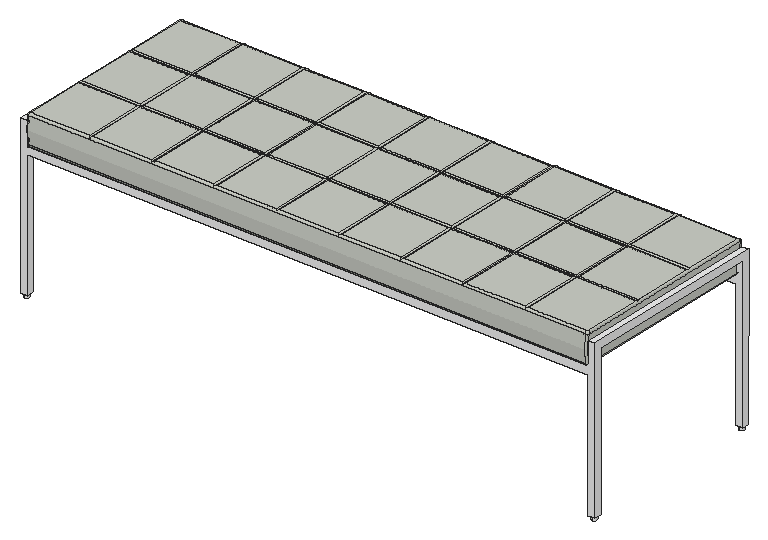
Revit family
Parameters
  Width = 5' - 0"  # constant formula
  URL = "http://elanbydecca.com/"
  Upholstery [instance] = Furniture - DECCA (Elan) - Ethos - Upholstery
  Base [instance] = Furniture - DECCA (Elan) - Ethos - Base
  Product URL = "http://elanbydecca.com/PDFs/elan_tearsheet-vertex.pdf"
  Model = "FT BE640"
  Manufacturer = "Decca Contract"
  Height = 1' - 5 1/2"  # constant formula
  Description = "Ethos, Bench"
  Depth = 1' - 8"  # constant formula
  Assembly Description = "Furniture & Accessories"
  Assembly Code = "E2020200"
Reference planes (in)
  plane 1 "Center Front/Back": y = -0.7524
  plane 2: z = 0
  plane 3 "Center Left/Right": x = 0
  plane 4 "L": x = -30
  plane 5 "R": x = 30
  plane 6 "F": y = -10.7524
  plane 7: y = 9.2476
  plane 8: through (-6.25338, 2.33237, 23.38953) normal (0.4297, -0.4297, 0.7941)
  plane 9 "ST": z = 17.5
  plane 10: z = 0.375
  plane 11: x = -29.25
  plane 12: x = 29.25
  plane 13: z = 16.75
  plane 14: z = 16
  plane 15: z = 13.57168
  plane 16: z = 14.32168
  plane 17: y = 8.4976
  plane 18: y = -10.0024
  plane 19: x = -0.375
  plane 20: x = 0.375
  plane 21: y = 2.58093
  plane 22: y = -4.08573
  plane 23: x = -16.25
  plane 24: x = -9.75
  plane 25: x = -3.25
  plane 26: x = 3.25
  plane 27: x = 9.75
  plane 28: x = 16.25
  plane 29: x = -22.75
  plane 30: x = 22.75
Forms (in)
  Extrusion 1, solid, material "Furniture - DECCA (Elan) - Ethos - Base" <- "Base"
    sketch origin (0, 0, 0) x (0, 1, 0) y (0, 0, 1)
      loop
        line (9.2476, 0.375) -> (9.2476, 16.75) -> (-10.7524, 16.75) -> (-10.7524, 0.375) -> (-10.0024, 0.375) -> (-10.0024, 16) -> (8.4976, 16) -> (8.4976, 0.375) -> (9.2476, 0.375)
    from -30 to -29.25
  Extrusion 2, solid, material "Furniture - DECCA (Elan) - Ethos - Base" <- "Base"
    sketch origin (0, 0, 0) x (0, 1, 0) y (0, 0, 1)
      loop
        line (9.2476, 0.375) -> (9.2476, 16.75) -> (-10.7524, 16.75) -> (-10.7524, 0.375) -> (-10.0024, 0.375) -> (-10.0024, 16) -> (8.4976, 16) -> (8.4976, 0.375) -> (9.2476, 0.375)
    from 29.25 to 30
  Extrusion 3, solid, material "Furniture - DECCA (Elan) - Ethos - Base" <- "Base"
    sketch origin (0, 0, 0) x (0, 1, 0) y (0, 0, 1)
      loop
        line (9.2476, 13.57168) -> (9.2476, 14.32168) -> (8.4976, 14.32168) -> (8.4976, 13.57168) -> (9.2476, 13.57168)
      loop
        line (-10.7524, 13.57168) -> (-10.0024, 13.57168) -> (-10.0024, 14.32168) -> (-10.7524, 14.32168) -> (-10.7524, 13.57168)
    from -29.25 to 29.25
  Extrusion 4, solid, material "Furniture - DECCA (Elan) - Ethos - Base" <- "Base"
    sketch origin (0, 0, 7.44949) x (0, -1, 0) y (1, 0, 0)
      loop
        circle (-8.8726, -29.625) r 0.25
      loop
        circle (-8.8726, 29.625) r 0.25
      loop
        circle (10.3774, -29.625) r 0.25
      loop
        circle (10.3774, 29.625) r 0.25
    from -7.44949 to -7.07449
  Extrusion 5, solid, material "Furniture - DECCA (Elan) - Ethos - Base" <- "Base"
    sketch origin (0, -16.42176, 0) x (1, 0, 0) y (0, 0, -1)
      loop
        line (-0.375, -14.32168) -> (0.375, -14.32168) -> (0.375, -13.57168) -> (-0.375, -13.57168) -> (-0.375, -14.32168)
    from 6.41936 to 24.91936
  Extrusion 6, solid, material "Furniture - DECCA (Elan) - Ethos - Upholstery" <- "Upholstery"
    sketch origin (0, 0, 0) x (0, 1, 0) y (0, 0, 1)
      loop
        line (9.04223, 17.5) -> (-10.54703, 17.5)
        arc (-10.54703, 17.5) -> (-10.70704, 17.44208) -> (-10.79292, 17.29516) r 0.25
        arc (-10.79292, 17.29516) -> (-10.919, 15.91084) -> (-10.79292, 14.52651) r 7.66267
        arc (-10.79292, 14.52651) -> (-10.70704, 14.3796) -> (-10.54703, 14.32168) r 0.25
        line (-10.54703, 14.32168) -> (9.04223, 14.32168)
        arc (9.04223, 14.32168) -> (9.20224, 14.3796) -> (9.28812, 14.52651) r 0.25
        arc (9.28812, 14.52651) -> (9.4142, 15.91084) -> (9.28812, 17.29516) r 7.66267
        arc (9.28812, 17.29516) -> (9.20224, 17.44208) -> (9.04223, 17.5) r 0.25
    from -29.25 to 29.25
  Sweep 7, void
    path origin (-29.25, 0, 0) x (0, 1, 0) y (0, 0, 1)
      loop
        arc (-10.54703, 17.5) -> (-10.70704, 17.44208) -> (-10.79292, 17.29516) r 0.25
        arc (-10.79292, 17.29516) -> (-10.919, 15.91084) -> (-10.79292, 14.52651) r 7.66267
        arc (-10.79292, 14.52651) -> (-10.70704, 14.3796) -> (-10.54703, 14.32168) r 0.25
        line (-10.54703, 14.32168) -> (9.04223, 14.32168)
        arc (9.04223, 14.32168) -> (9.20224, 14.3796) -> (9.28812, 14.52651) r 0.25
        arc (9.28812, 14.52651) -> (9.4142, 15.91084) -> (9.28812, 17.29516) r 7.66267
        arc (9.28812, 17.29516) -> (9.20224, 17.44208) -> (9.04223, 17.5) r 0.25
        line (9.04223, 17.5) -> (-10.54703, 17.5)
    profile origin (-29.25, -0.7524, 17.5) x (0, 0, 1) y (1, 0, 0)
      loop
        arc (-0.1875, 0) -> (0.13258, -0.13258) -> (0, 0.1875) r 0.1875
        arc (0, 0.1875) -> (-0.05492, 0.05492) -> (-0.1875, 0) r 0.1875
  Sweep 8, void
    path origin (29.25, 0, 0) x (0, 1, 0) y (0, 0, 1)
      loop
        line (9.04223, 17.5) -> (-10.54703, 17.5)
        arc (-10.54703, 17.5) -> (-10.70704, 17.44208) -> (-10.79292, 17.29516) r 0.25
        arc (-10.79292, 17.29516) -> (-10.919, 15.91084) -> (-10.79292, 14.52651) r 7.66267
        arc (-10.79292, 14.52651) -> (-10.70704, 14.3796) -> (-10.54703, 14.32168) r 0.25
        line (-10.54703, 14.32168) -> (9.04223, 14.32168)
        arc (9.04223, 14.32168) -> (9.20224, 14.3796) -> (9.28812, 14.52651) r 0.25
        arc (9.28812, 14.52651) -> (9.4142, 15.91084) -> (9.28812, 17.29516) r 7.66267
        arc (9.28812, 17.29516) -> (9.20224, 17.44208) -> (9.04223, 17.5) r 0.25
    profile origin (29.25, -0.7524, 17.5) x (0, 0, -1) y (1, 0, 0)
      loop
        arc (0.1875, 0) -> (-0.13258, 0.13258) -> (0, -0.1875) r 0.1875
        arc (0, -0.1875) -> (0.05492, -0.05492) -> (0.1875, 0) r 0.1875
  Sweep 9, void
    path origin (0, 0, 17.5) x (-1, 0, 0) y (0, -1, 0)
      loop
        line (30, -2.58093) -> (-30, -2.58093)
    profile origin (0, 2.58093, 17.5) x (0, 1, 0) y (0, 0, 1)
      loop
        arc (0.2207, 0) -> (0, 0.2207) -> (-0.2207, 0) r 0.2207
        line (-0.2207, 0) -> (-0.1796, 0)
        arc (-0.1796, 0) -> (-0.09086, -0.02233) -> (-0.02325, -0.08401) r 0.1875
        line (-0.02325, -0.08401) -> (0, -0.11914) -> (0.02325, -0.08401)
        arc (0.02325, -0.08401) -> (0.09086, -0.02233) -> (0.1796, 0) r 0.1875
        line (0.1796, 0) -> (0.2207, 0)
  Sweep 10, void
    path origin (0, -6.66667, 17.5) x (-1, 0, 0) y (0, -1, 0)
      loop
        line (30, -2.58093) -> (-30, -2.58093)
    profile origin (0, -4.08573, 17.5) x (0, 1, 0) y (0, 0, 1)
      loop
        arc (0.2207, 0) -> (0, 0.2207) -> (-0.2207, 0) r 0.2207
        line (-0.2207, 0) -> (-0.1796, 0)
        arc (-0.1796, 0) -> (-0.09086, -0.02233) -> (-0.02325, -0.08401) r 0.1875
        line (-0.02325, -0.08401) -> (0, -0.11914) -> (0.02325, -0.08401)
        arc (0.02325, -0.08401) -> (0.09086, -0.02233) -> (0.1796, 0) r 0.1875
        line (0.1796, 0) -> (0.2207, 0)
  Sweep 11, void
    path origin (-0.66907, 2.58093, 17.5) x (0, -1, 0) y (1, 0, 0)
      loop
        line (20, -2.58093) -> (-20, -2.58093)
    profile origin (-3.25, 2.58093, 17.5) x (-1, 0, 0) y (0, 0, 1)
      loop
        arc (0.2207, 0) -> (0, 0.2207) -> (-0.2207, 0) r 0.2207
        line (-0.2207, 0) -> (-0.1796, 0)
        arc (-0.1796, 0) -> (-0.09086, -0.02233) -> (-0.02325, -0.08401) r 0.1875
        line (-0.02325, -0.08401) -> (0, -0.11914) -> (0.02325, -0.08401)
        arc (0.02325, -0.08401) -> (0.09086, -0.02233) -> (0.1796, 0) r 0.1875
        line (0.1796, 0) -> (0.2207, 0)
  Sweep 12, void
    path origin (-3.83573, 2.58093, 17.5) x (0, -1, 0) y (1, 0, 0)
      loop
        line (20, -5.91427) -> (-20, -5.91427)
    profile origin (-9.75, 2.58093, 17.5) x (-1, 0, 0) y (0, 0, 1)
      loop
        arc (0.2207, 0) -> (0, 0.2207) -> (-0.2207, 0) r 0.2207
        line (-0.2207, 0) -> (-0.1796, 0)
        arc (-0.1796, 0) -> (-0.09086, -0.02233) -> (-0.02325, -0.08401) r 0.1875
        line (-0.02325, -0.08401) -> (0, -0.11914) -> (0.02325, -0.08401)
        arc (0.02325, -0.08401) -> (0.09086, -0.02233) -> (0.1796, 0) r 0.1875
        line (0.1796, 0) -> (0.2207, 0)
  Sweep 13, void
    path origin (-10.2524, 2.58093, 17.5) x (0, -1, 0) y (1, 0, 0)
      loop
        line (20, -5.9976) -> (-20, -5.9976)
    profile origin (-16.25, 2.58093, 17.5) x (-1, 0, 0) y (0, 0, 1)
      loop
        arc (0.2207, 0) -> (0, 0.2207) -> (-0.2207, 0) r 0.2207
        line (-0.2207, 0) -> (-0.1796, 0)
        arc (-0.1796, 0) -> (-0.09086, -0.02233) -> (-0.02325, -0.08401) r 0.1875
        line (-0.02325, -0.08401) -> (0, -0.11914) -> (0.02325, -0.08401)
        arc (0.02325, -0.08401) -> (0.09086, -0.02233) -> (0.1796, 0) r 0.1875
        line (0.1796, 0) -> (0.2207, 0)
  Sweep 14, void
    path origin (8.9976, 2.58093, 17.5) x (0, -1, 0) y (1, 0, 0)
      loop
        line (20, -5.7476) -> (-20, -5.7476)
    profile origin (3.25, 2.58093, 17.5) x (-1, 0, 0) y (0, 0, 1)
      loop
        arc (0.2207, 0) -> (0, 0.2207) -> (-0.2207, 0) r 0.2207
        line (-0.2207, 0) -> (-0.1796, 0)
        arc (-0.1796, 0) -> (-0.09086, -0.02233) -> (-0.02325, -0.08401) r 0.1875
        line (-0.02325, -0.08401) -> (0, -0.11914) -> (0.02325, -0.08401)
        arc (0.02325, -0.08401) -> (0.09086, -0.02233) -> (0.1796, 0) r 0.1875
        line (0.1796, 0) -> (0.2207, 0)
  Sweep 15, void
    path origin (15.41427, 2.58093, 17.5) x (0, -1, 0) y (1, 0, 0)
      loop
        line (20, -5.66427) -> (-20, -5.66427)
    profile origin (9.75, 2.58093, 17.5) x (-1, 0, 0) y (0, 0, 1)
      loop
        arc (0.2207, 0) -> (0, 0.2207) -> (-0.2207, 0) r 0.2207
        line (-0.2207, 0) -> (-0.1796, 0)
        arc (-0.1796, 0) -> (-0.09086, -0.02233) -> (-0.02325, -0.08401) r 0.1875
        line (-0.02325, -0.08401) -> (0, -0.11914) -> (0.02325, -0.08401)
        arc (0.02325, -0.08401) -> (0.09086, -0.02233) -> (0.1796, 0) r 0.1875
        line (0.1796, 0) -> (0.2207, 0)
  Sweep 16, void
    path origin (-16.83573, 2.58093, 17.5) x (0, -1, 0) y (1, 0, 0)
      loop
        line (20, -5.91427) -> (-20, -5.91427)
    profile origin (-22.75, 2.58093, 17.5) x (-1, 0, 0) y (0, 0, 1)
      loop
        arc (0.2207, 0) -> (0, 0.2207) -> (-0.2207, 0) r 0.2207
        line (-0.2207, 0) -> (-0.1796, 0)
        arc (-0.1796, 0) -> (-0.09086, -0.02233) -> (-0.02325, -0.08401) r 0.1875
        line (-0.02325, -0.08401) -> (0, -0.11914) -> (0.02325, -0.08401)
        arc (0.02325, -0.08401) -> (0.09086, -0.02233) -> (0.1796, 0) r 0.1875
        line (0.1796, 0) -> (0.2207, 0)
  Sweep 17, void
    path origin (22.16427, 2.58093, 17.5) x (0, -1, 0) y (1, 0, 0)
      loop
        line (20, -5.91427) -> (-20, -5.91427)
    profile origin (16.25, 2.58093, 17.5) x (-1, 0, 0) y (0, 0, 1)
      loop
        arc (0.2207, 0) -> (0, 0.2207) -> (-0.2207, 0) r 0.2207
        line (-0.2207, 0) -> (-0.1796, 0)
        arc (-0.1796, 0) -> (-0.09086, -0.02233) -> (-0.02325, -0.08401) r 0.1875
        line (-0.02325, -0.08401) -> (0, -0.11914) -> (0.02325, -0.08401)
        arc (0.02325, -0.08401) -> (0.09086, -0.02233) -> (0.1796, 0) r 0.1875
        line (0.1796, 0) -> (0.2207, 0)
  Sweep 18, void
    path origin (28.66427, 2.58093, 17.5) x (0, -1, 0) y (1, 0, 0)
      loop
        line (20, -5.91427) -> (-20, -5.91427)
    profile origin (22.75, 2.58093, 17.5) x (-1, 0, 0) y (0, 0, 1)
      loop
        arc (0.2207, 0) -> (0, 0.2207) -> (-0.2207, 0) r 0.2207
        line (-0.2207, 0) -> (-0.1796, 0)
        arc (-0.1796, 0) -> (-0.09086, -0.02233) -> (-0.02325, -0.08401) r 0.1875
        line (-0.02325, -0.08401) -> (0, -0.11914) -> (0.02325, -0.08401)
        arc (0.02325, -0.08401) -> (0.09086, -0.02233) -> (0.1796, 0) r 0.1875
        line (0.1796, 0) -> (0.2207, 0)
Cuts and joins
  Sweep 8 cuts Extrusion 1
  Sweep 8 cuts Extrusion 4
  Sweep 8 cuts Extrusion 5
  joined: Extrusion 1, Extrusion 2, Extrusion 3, Extrusion 4, Extrusion 5
  Sweep 7, Sweep 8, Sweep 9, Sweep 10, Sweep 11, Sweep 12, Sweep 13, Sweep 14, Sweep 15, Sweep 16, Sweep 17, Sweep 18 cuts Extrusion 6
Dimensions and locks (in)
  equal spacing: plane 4 "L", plane 3 "Center Left/Right", plane 5 "R"
  equal spacing: plane 7, plane 1 "Center Front/Back", plane 6 "F"
  "Width": plane 4 "L" to plane 5 "R"
  "Depth": plane 7 to plane 6 "F"
  "Height": plane 9 "ST" to level
  locked: plane 4 "L" to plane 11 at 0.75
  locked: plane 12 to plane 5 "R" at 0.75
  locked: plane 7 to plane 17 at 0.75
  locked: plane 18 to plane 6 "F" at 0.75
  plane 19 to plane 3 "Center Left/Right" to plane 20 = 0' - 0 3/8" locked, 0' - 0 3/8" locked
  equal spacing: plane 7, plane 21, plane 22, plane 6 "F"
  equal spacing: plane 11, plane 29, plane 23, plane 24, plane 25, plane 26, plane 27, plane 28, plane 30, plane 12
  aligned and locked: plane 7 to Extrusion 1 sketch curve
  aligned and locked: plane 10 to Extrusion 1 sketch curve
  aligned and locked: plane 6 "F" to Extrusion 1 sketch curve
  aligned and locked: plane 13 to Extrusion 1 sketch curve
  aligned and locked: plane 14 to Extrusion 1 sketch curve
  aligned and locked: Extrusion 1 to plane 4 "L"
  aligned and locked: plane 11 to Extrusion 1
  aligned and locked: Extrusion 2 to plane 5 "R"
  aligned and locked: plane 12 to Extrusion 2
  aligned and locked: plane 7 to Extrusion 3 sketch curve
  aligned and locked: plane 16 to Extrusion 3 sketch curve
  aligned and locked: plane 15 to Extrusion 3 sketch curve
  aligned and locked: plane 6 "F" to Extrusion 3 sketch curve
  aligned and locked: Extrusion 3 to plane 11
  aligned and locked: Extrusion 3 to plane 12
  aligned and locked: Extrusion 4 to level
  aligned and locked: plane 10 to Extrusion 4
  aligned and locked: plane 16 to Extrusion 5 sketch curve
  aligned and locked: plane 15 to Extrusion 5 sketch curve
  aligned and locked: plane 19 to Extrusion 5 sketch curve
  aligned and locked: Extrusion 5 sketch curve to plane 20
  aligned and locked: plane 17 to Extrusion 5
  aligned and locked: plane 18 to Extrusion 5
  aligned and locked: plane 9 "ST" to Extrusion 6 sketch curve
  aligned and locked: plane 16 to Extrusion 6 sketch curve
  aligned and locked: Extrusion 6 to plane 11
  aligned and locked: Extrusion 6 to plane 12
  aligned and locked: profile plane to Sweep 9 sketch curve  (x2)
  aligned and locked: profile plane to Sweep 10 sketch curve  (x2)
  aligned and locked: profile plane to Sweep 11 sketch curve  (x2)
  aligned and locked: profile plane to Sweep 12 sketch curve  (x2)
  aligned and locked: profile plane to Sweep 13 sketch curve  (x2)
  aligned and locked: profile plane to Sweep 14 sketch curve  (x2)
  aligned and locked: profile plane to Sweep 15 sketch curve  (x2)
  aligned and locked: profile plane to Sweep 16 sketch curve  (x2)
  aligned and locked: profile plane to Sweep 17 sketch curve  (x2)
  aligned and locked: profile plane to Sweep 18 sketch curve  (x2)
Automatic sketch dimensions
  Extrusion 1 sketch curve to plane 18 = 0' - 0"
  Extrusion 1 sketch curve to plane 17 = 0' - 0"
  Extrusion 1 sketch curve to plane 10 = 0' - 0"
  Extrusion 2 sketch curve to plane 6 "F" = 0' - 0"
  Extrusion 2 sketch curve to plane 14 = 0' - 0"
  Extrusion 2 sketch curve to plane 18 = 0' - 0"
  Extrusion 2 sketch curve to plane 10 = 0' - 0"  (x2)
  Extrusion 2 sketch curve to plane 17 = 0' - 0"
  Extrusion 2 sketch curve to plane 7 = 0' - 0"
  Extrusion 2 sketch curve to plane 13 = 0' - 0"
  Extrusion 3 sketch curve to plane 15 = 0' - 0"
  Extrusion 3 sketch curve to plane 18 = 0' - 0"
  Extrusion 3 sketch curve to plane 17 = 0' - 0"
  Extrusion 3 sketch curve to plane 16 = 0' - 0"
  Extrusion 4 sketch curve to plane 7 = 0' - 0 3/8"  (x2)
  plane 6 "F" to Extrusion 4 sketch curve = 0' - 0 3/8"  (x2)
  plane 4 "L" to Extrusion 4 sketch curve = 0' - 0 3/8"  (x2)
  plane 5 "R" to Extrusion 4 sketch curve = 0' - 0 3/8"  (x2)
  Extrusion 6 sketch curve to plane 6 "F" = 0' - 0.04052"  (x2)
  Extrusion 6 sketch curve to Extrusion 6 sketch curve = 0' - 0"  (x3)
  plane 6 "F" to Extrusion 6 sketch curve = 0' - 0.20537"  (x2)
  plane 22 to Extrusion 6 sketch curve = 0' - 0.8294"
  Extrusion 6 sketch curve to plane 14 = 0' - 0.08916"
  Extrusion 6 sketch curve to plane 21 = 0' - 0.8294"
  Extrusion 6 sketch curve to plane 7 = 0' - 0.20537"  (x2)
  plane 7 to Extrusion 6 sketch curve = 0' - 0.04052"  (x2)
  Sweep 7 sketch curve to Sweep 7 sketch curve = 0' - 7.2907"
  Sweep 7 sketch curve to Sweep 7 sketch curve = 0' - 0"
  Extrusion 6 to Sweep 7 sketch curve = 0' - 0.20484"  (x2)
  Sweep 7 sketch curve to profile plane = 0' - 0"  (x2)
  profile plane to Sweep 7 sketch curve = 0' - 0 3/16"
  Sweep 8 sketch curve to Extrusion 6 = 0' - 0 1/4"  (x2)
  Sweep 8 sketch curve to Sweep 8 sketch curve = 0' - 7.2907"
  Sweep 8 sketch curve to Sweep 8 sketch curve = 0' - 0"
  Sweep 8 sketch curve to profile plane = 0' - 0"  (x2)
  Sweep 8 sketch curve to profile plane = 0' - 0 3/16"
  Sweep 9 sketch curve to plane 5 "R" = 0' - 0"
  Sweep 9 sketch curve to plane 4 "L" = 0' - 0"
  Sweep 9 sketch curve to plane 21 = 0' - 0"
  Sweep 9 sketch curve to profile plane = 0' - 0"  (x2)
  profile plane to Sweep 9 sketch curve = 0' - 0.02325"
  profile plane to Sweep 9 sketch curve = 0' - 0.1796"
  Sweep 9 sketch curve to Sweep 9 sketch curve = 0' - 0.0411"  (x2)
  Sweep 9 sketch curve to profile plane = 0' - 0.02325"
  Sweep 9 sketch curve to plane 9 "ST" = 0' - 0.08401"
  Sweep 9 sketch curve to Sweep 9 sketch curve = 0' - 0"
  Sweep 9 sketch curve to Sweep 9 sketch curve = 0' - 0.03513"
  Sweep 10 sketch curve to plane 5 "R" = 0' - 0"
  Sweep 10 sketch curve to plane 4 "L" = 0' - 0"
  Sweep 10 sketch curve to plane 22 = 0' - 0"
  Sweep 10 sketch curve to profile plane = 0' - 0"  (x2)
  profile plane to Sweep 10 sketch curve = 0' - 0.02325"
  profile plane to Sweep 10 sketch curve = 0' - 0.1796"
  Sweep 10 sketch curve to Sweep 10 sketch curve = 0' - 0.0411"  (x2)
  Sweep 10 sketch curve to profile plane = 0' - 0.02325"
  Sweep 10 sketch curve to plane 9 "ST" = 0' - 0.08401"
  Sweep 10 sketch curve to Sweep 10 sketch curve = 0' - 0"
  Sweep 10 sketch curve to Sweep 10 sketch curve = 0' - 0.03513"
  Sweep 11 sketch curve to plane 25 = 0' - 0"
  plane 7 to Sweep 11 sketch curve = 1' - 1.33333"
  Sweep 11 sketch curve to plane 6 "F" = 0' - 6.66667"
  Sweep 11 sketch curve to profile plane = 0' - 0"  (x2)
  profile plane to Sweep 11 sketch curve = 0' - 0.02325"
  profile plane to Sweep 11 sketch curve = 0' - 0.1796"
  Sweep 11 sketch curve to Sweep 11 sketch curve = 0' - 0.0411"  (x2)
  Sweep 11 sketch curve to profile plane = 0' - 0.02325"
  Sweep 11 sketch curve to plane 9 "ST" = 0' - 0.08401"
  Sweep 11 sketch curve to Sweep 11 sketch curve = 0' - 0"
  Sweep 11 sketch curve to Sweep 11 sketch curve = 0' - 0.03513"
  Sweep 12 sketch curve to plane 24 = 0' - 0"
  plane 7 to Sweep 12 sketch curve = 1' - 1.33333"
  Sweep 12 sketch curve to plane 6 "F" = 0' - 6.66667"
  Sweep 12 sketch curve to profile plane = 0' - 0"  (x2)
  profile plane to Sweep 12 sketch curve = 0' - 0.02325"
  profile plane to Sweep 12 sketch curve = 0' - 0.1796"
  Sweep 12 sketch curve to Sweep 12 sketch curve = 0' - 0.0411"  (x2)
  Sweep 12 sketch curve to profile plane = 0' - 0.02325"
  Sweep 12 sketch curve to plane 9 "ST" = 0' - 0.08401"
  Sweep 12 sketch curve to Sweep 12 sketch curve = 0' - 0"
  Sweep 12 sketch curve to Sweep 12 sketch curve = 0' - 0.03513"
  Sweep 13 sketch curve to plane 23 = 0' - 0"
  plane 7 to Sweep 13 sketch curve = 1' - 1.33333"
  Sweep 13 sketch curve to plane 6 "F" = 0' - 6.66667"
  Sweep 13 sketch curve to profile plane = 0' - 0"  (x2)
  profile plane to Sweep 13 sketch curve = 0' - 0.02325"
  profile plane to Sweep 13 sketch curve = 0' - 0.1796"
  Sweep 13 sketch curve to Sweep 13 sketch curve = 0' - 0.0411"  (x2)
  Sweep 13 sketch curve to profile plane = 0' - 0.02325"
  Sweep 13 sketch curve to plane 9 "ST" = 0' - 0.08401"
  Sweep 13 sketch curve to Sweep 13 sketch curve = 0' - 0"
  Sweep 13 sketch curve to Sweep 13 sketch curve = 0' - 0.03513"
  Sweep 14 sketch curve to plane 26 = 0' - 0"
  plane 7 to Sweep 14 sketch curve = 1' - 1.33333"
  Sweep 14 sketch curve to plane 6 "F" = 0' - 6.66667"
  Sweep 14 sketch curve to profile plane = 0' - 0"  (x2)
  profile plane to Sweep 14 sketch curve = 0' - 0.02325"
  profile plane to Sweep 14 sketch curve = 0' - 0.1796"
  Sweep 14 sketch curve to Sweep 14 sketch curve = 0' - 0.0411"  (x2)
  Sweep 14 sketch curve to profile plane = 0' - 0.02325"
  Sweep 14 sketch curve to plane 9 "ST" = 0' - 0.08401"
  Sweep 14 sketch curve to Sweep 14 sketch curve = 0' - 0"
  Sweep 14 sketch curve to Sweep 14 sketch curve = 0' - 0.03513"
  Sweep 15 sketch curve to plane 27 = 0' - 0"
  plane 7 to Sweep 15 sketch curve = 1' - 1.33333"
  Sweep 15 sketch curve to plane 6 "F" = 0' - 6.66667"
  Sweep 15 sketch curve to profile plane = 0' - 0"  (x2)
  profile plane to Sweep 15 sketch curve = 0' - 0.02325"
  profile plane to Sweep 15 sketch curve = 0' - 0.1796"
  Sweep 15 sketch curve to Sweep 15 sketch curve = 0' - 0.0411"  (x2)
  Sweep 15 sketch curve to profile plane = 0' - 0.02325"
  Sweep 15 sketch curve to plane 9 "ST" = 0' - 0.08401"
  Sweep 15 sketch curve to Sweep 15 sketch curve = 0' - 0"
  Sweep 15 sketch curve to Sweep 15 sketch curve = 0' - 0.03513"
  Sweep 16 sketch curve to plane 29 = 0' - 0"
  plane 7 to Sweep 16 sketch curve = 1' - 1.33333"
  Sweep 16 sketch curve to plane 6 "F" = 0' - 6.66667"
  Sweep 16 sketch curve to profile plane = 0' - 0"  (x2)
  profile plane to Sweep 16 sketch curve = 0' - 0.02325"
  profile plane to Sweep 16 sketch curve = 0' - 0.1796"
  Sweep 16 sketch curve to Sweep 16 sketch curve = 0' - 0.0411"  (x2)
  Sweep 16 sketch curve to profile plane = 0' - 0.02325"
  Sweep 16 sketch curve to plane 9 "ST" = 0' - 0.08401"
  Sweep 16 sketch curve to Sweep 16 sketch curve = 0' - 0"
  Sweep 16 sketch curve to Sweep 16 sketch curve = 0' - 0.03513"
  Sweep 17 sketch curve to plane 28 = 0' - 0"
  plane 7 to Sweep 17 sketch curve = 1' - 1.33333"
  Sweep 17 sketch curve to plane 6 "F" = 0' - 6.66667"
  Sweep 17 sketch curve to profile plane = 0' - 0"  (x2)
  profile plane to Sweep 17 sketch curve = 0' - 0.02325"
  profile plane to Sweep 17 sketch curve = 0' - 0.1796"
  Sweep 17 sketch curve to Sweep 17 sketch curve = 0' - 0.0411"  (x2)
  Sweep 17 sketch curve to profile plane = 0' - 0.02325"
  Sweep 17 sketch curve to plane 9 "ST" = 0' - 0.08401"
  Sweep 17 sketch curve to Sweep 17 sketch curve = 0' - 0"
  Sweep 17 sketch curve to Sweep 17 sketch curve = 0' - 0.03513"
  Sweep 18 sketch curve to plane 30 = 0' - 0"
  plane 7 to Sweep 18 sketch curve = 1' - 1.33333"
  Sweep 18 sketch curve to plane 6 "F" = 0' - 6.66667"
  Sweep 18 sketch curve to profile plane = 0' - 0"  (x2)
  profile plane to Sweep 18 sketch curve = 0' - 0.02325"
  profile plane to Sweep 18 sketch curve = 0' - 0.1796"
  Sweep 18 sketch curve to Sweep 18 sketch curve = 0' - 0.0411"  (x2)
  Sweep 18 sketch curve to profile plane = 0' - 0.02325"
  Sweep 18 sketch curve to plane 9 "ST" = 0' - 0.08401"
  Sweep 18 sketch curve to Sweep 18 sketch curve = 0' - 0"
  Sweep 18 sketch curve to Sweep 18 sketch curve = 0' - 0.03513"
  radius of Extrusion 4 sketch curve = 0' - 0 1/4"  (x4)
  radius of Sweep 7 sketch curve to Extrusion 6 = 0' - 0"  (x4)
  radius of Sweep 8 sketch curve to Extrusion 6 = 0' - 0"  (x4)
